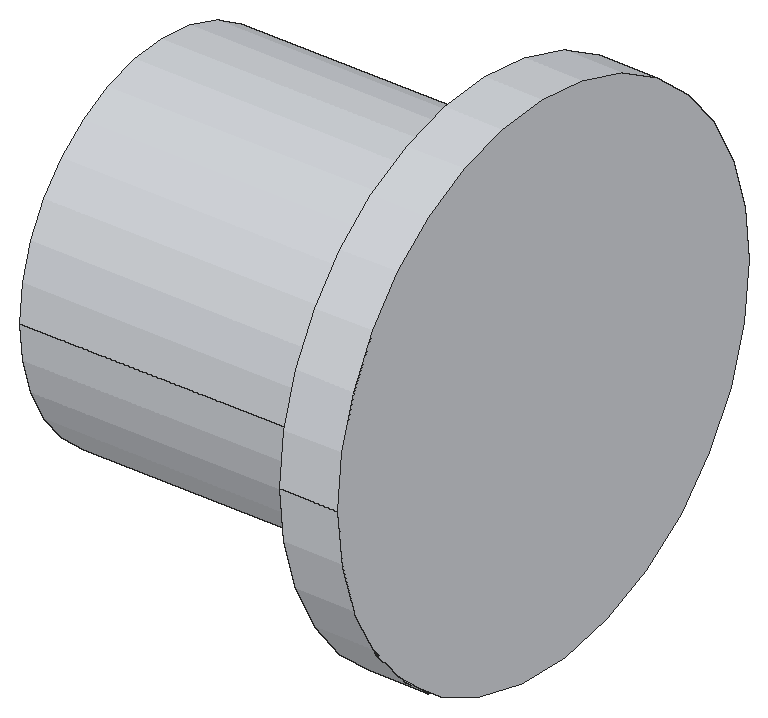
Revit family "TuberiaPEAD_Portabrida_redincendios_Extrucol_0005", category Uniones de tubería, Revit 2020
Family settings
  Cota de conector redondo = Diámetro de uso
  Tipo de pieza = Brida
  Se basa en plano de trabajo = No
  Siempre vertical = Sí
  Corte con vacíos al cargar = No
  Compartido = No
Parameters
  URL = "http://www.extrucol.com/"
  Tabla consulta = "Tablaportabrida"
  H [instance] = size_lookup(Tabla consulta, "H", 0 mm, DN)  # 91 mm
  Fabricante = "Extrucol"
  Elevación por defecto = 0 mm
  Descripción = "Portabrida PE100"
  DN2 [instance] = size_lookup(Tabla consulta, "DN2", 0 mm, DN)  # 100 mm
  DN [instance] = 110 mm
  C [instance] = size_lookup(Tabla consulta, "C", 0 mm, DN)  # 159 mm
  A [instance] = size_lookup(Tabla consulta, "A", 0 mm, DN)  # 18 mm
Reference planes
  plane 1 "Centro (Frontal/Posterior)": y = 0
  plane 2: z = 0
  plane 3 "Centro (Izquierda/Derecha)": x = 0
  plane 4: x = 0
  plane 5: x = 100
  plane 6: x = 118
Forms (mm)
  Sweep 1, solid
    path in 3D
      loop
        line (100, 0, 0) -> (118, 0, 0)
    profile origin (109, 0, 0) x (0, 1, 0) y (0, 0, 1)
      loop
        circle (0, 0) r 79.5
  Sweep 2, solid
    path in 3D
      loop
        line (0, 0, 0) -> (100, 0, 0)
    profile origin (50, 0, 0) x (0, 1, 0) y (0, 0, 1)
      loop
        circle (0, 0) r 55
Lines and regions (mm)
  model lines
    curve 1: line (0, 0, 0) -> (100, 0, 0)
    curve 2: line (100, 0, 0) -> (118, 0, 0)
  sketch lines
    curve 3: line (100, 0, 0) -> (118, 0, 0)
    curve 4: line (0, 0, 0) -> (100, 0, 0)
Dimensions and locks
  "A": plane 5 to plane 6
  "C": diameter of Sweep 1 sketch curve
  "DN": diameter of Sweep 2 sketch curve
  aligned and locked: level to plane 2
Automatic sketch dimensions
  plane 1 "Centro (Frontal/Posterior)" to curve 1 = 0 mm
  curve 1 to plane 3 "Centro (Izquierda/Derecha)" = 0 mm
  curve 2 to plane 5 = 0 mm
  curve 2 to plane 6 = 0 mm
  Sweep 1 sketch curve to profile plane = 0 mm  (x2)
  Sweep 2 sketch curve to profile plane = 0 mm  (x2)
Connectors
  piping at (118, 0, 0), diameter 100, driven by "DN2"
    settings: on Sweep 1, index 2, connector inside diameter 609.6 mm, connector length 0 mm, flow factor 0, pipe flow 0.0 L/s, pressure drop 0.0 Pa, fitting loss kfactor 0, connector angle 0.00°, fixture units 0, engagement length 0 mm, angle of deflection 0.00°, flow configuration 0, flow direction 0, fitting loss method 0, system type 28, joint type 0, gender type 0, connector reference index 3, connector utility 0, adjustable connector no, is connector primary no, connector description ""
  piping at (0, 0, 0), diameter 110, driven by "DN"
    settings: on Sweep 2, index 3, connector inside diameter 609.6 mm, connector length 0 mm, flow factor 0, pipe flow 0.0 L/s, pressure drop 0.0 Pa, fitting loss kfactor 0, connector angle 0.00°, fixture units 0, engagement length 0 mm, angle of deflection 0.00°, flow configuration 0, flow direction 0, fitting loss method 0, system type 28, joint type 0, gender type 0, connector reference index 2, connector utility 0, adjustable connector no, is connector primary yes, connector description ""
